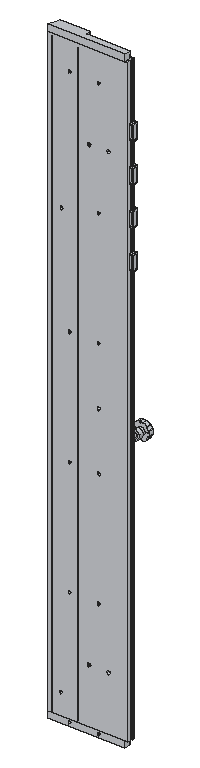
Revit family (continued)
Lines and regions (in)
  symbolic lines, style "GCX 2D", detail levels fine
    curve 72: spline (2.71886, 2.10483, 0) -> (2.72112, 2.10148, 0) -> (2.72371, 2.09819, 0) -> (2.72659, 2.095, 0) -> (2.72976, 2.09192, 0) -> (2.73319, 2.08898, 0) -> (2.73685, 2.08619, 0) -> (2.74072, 2.08359, 0) -> (2.74476, 2.08118, 0) -> (2.74895, 2.07899, 0) -> (2.75326, 2.07703, 0) -> (2.75766, 2.07531, 0) -> (2.76211, 2.07386, 0)
    curve 73: arc (2.47448, 2.1049, 0) -> (2.59668, 2.14104, 0) -> (2.71886, 2.10483, 0) r 0.22446
    curve 74: arc (3.06906, 2.10233, 0) -> (3.06777, 2.11437, 0) -> (3.06938, 2.12638, 0) r 0.05051
    curve 75: arc (3.06938, 2.12638, 0) -> (3.07475, 2.13552, 0) -> (3.08413, 2.14048, 0) r 0.0194
    curve 76: arc (3.08413, 2.14048, 0) -> (3.11932, 2.14335, 0) -> (3.15409, 2.13718, 0) r 0.13794
    curve 77: spline (2.13897, 2.07608, 0) -> (2.1364, 2.07731, 0) -> (2.13406, 2.07874, 0) -> (2.13197, 2.08038, 0) -> (2.13014, 2.08221, 0) -> (2.12858, 2.08423, 0) -> (2.12731, 2.08642, 0) -> (2.12633, 2.08877, 0) -> (2.12565, 2.09125, 0) -> (2.12527, 2.09387, 0) -> (2.12519, 2.0966, 0) -> (2.12541, 2.09942, 0) -> (2.12594, 2.10233, 0)
    curve 78: arc (2.12594, 2.10233, 0) -> (2.12723, 2.11437, 0) -> (2.12562, 2.12638, 0) r 0.05051
    curve 79: arc (2.12562, 2.12638, 0) -> (2.12025, 2.13552, 0) -> (2.11087, 2.14048, 0) r 0.0194
    curve 80: arc (2.11087, 2.14048, 0) -> (2.07568, 2.14335, 0) -> (2.04091, 2.13718, 0) r 0.13794
    curve 81: line (2.47264, 1.452, 0) -> (2.72236, 1.452, 0)
Dimensions and locks (in)
  "Height from Ground": plane 5 "Heighr from Ground" to plane 2
  aligned and locked: plane 5 "Heighr from Ground" to Extrusion 31
Automatic sketch dimensions
  Extrusion 31 sketch curve to Extrusion 31 sketch curve = 1.135"
  Extrusion 31 sketch curve to Extrusion 31 sketch curve = 6.14071"
  Extrusion 32 sketch curve to Extrusion 32 sketch curve = 1.135"
  Extrusion 32 sketch curve to Extrusion 32 sketch curve = 6.14071"
  plane 1 "Center (Front/Back)" to curve 1 = 0.00"
  curve 1 to plane 3 "Center (Left/Right)" = 0.00"
  Extrusion 22 sketch curve to Extrusion 22 sketch curve = 0.00"
  Extrusion 22 sketch curve to Extrusion 22 sketch curve = 0.02"  (x8)
  Extrusion 22 sketch curve to Extrusion 22 sketch curve = 0.05"  (x5)
  Extrusion 22 sketch curve to Extrusion 22 sketch curve = 0.07873"
  Extrusion 22 sketch curve to Extrusion 22 sketch curve = 0.04127"
  Extrusion 22 sketch curve to Extrusion 22 sketch curve = 0.108"  (x2)
  Extrusion 22 sketch curve to Extrusion 22 sketch curve = 0.128"
  Extrusion 22 sketch curve to Extrusion 22 sketch curve = 0.25"
  Extrusion 22 sketch curve to Extrusion 22 sketch curve = 0.28"  (x2)
  Extrusion 22 sketch curve to Extrusion 22 sketch curve = 0.43"
  Extrusion 22 sketch curve to Extrusion 22 sketch curve = 0.052"
  Extrusion 22 sketch curve to Extrusion 22 sketch curve = 0.00029"
  Extrusion 22 sketch curve to Extrusion 22 sketch curve = 0.01971"
  Extrusion 22 sketch curve to Extrusion 22 sketch curve = 0.10"  (x2)
  Extrusion 22 sketch curve to Extrusion 22 sketch curve = 0.00349"
  Extrusion 22 sketch curve to Extrusion 22 sketch curve = 0.11715"
  Extrusion 22 sketch curve to Extrusion 22 sketch curve = 1.72"
  Extrusion 22 sketch curve to Extrusion 22 sketch curve = 0.18"
  Extrusion 22 sketch curve to Extrusion 22 sketch curve = 0.26"  (x2)
  Extrusion 22 sketch curve to Extrusion 22 sketch curve = 2.98"
  Extrusion 22 sketch curve to Extrusion 22 sketch curve = 0.20"
  Extrusion 22 sketch curve to Extrusion 22 sketch curve = 0.12127"
  Extrusion 22 sketch curve to Extrusion 22 sketch curve = 0.15"
  Extrusion 28 sketch curve to Extrusion 28 sketch curve = 0.24574"
  Extrusion 28 sketch curve to Extrusion 28 sketch curve = 0.24658"
  Extrusion 28 sketch curve to Extrusion 28 sketch curve = 0.25462"
  Extrusion 28 sketch curve to Extrusion 28 sketch curve = 0.00986"
  Extrusion 28 sketch curve to Extrusion 28 sketch curve = 0.26842"
  Extrusion 28 sketch curve to Extrusion 28 sketch curve = 0.33038"
  Extrusion 28 sketch curve to Extrusion 28 sketch curve = 0.52"
  Extrusion 28 sketch curve to Extrusion 28 sketch curve = 0.00"
  Extrusion 28 sketch curve to Extrusion 28 sketch curve = 0.02756"
  Extrusion 28 sketch curve to Extrusion 28 sketch curve = 0.13686"
  Extrusion 28 sketch curve to Extrusion 28 sketch curve = 0.10"
  Extrusion 28 sketch curve to Extrusion 28 sketch curve = 1.76"
  Extrusion 28 sketch curve to Extrusion 28 sketch curve = 0.23381"
  Extrusion 28 sketch curve to Extrusion 28 sketch curve = 0.01032"
  Extrusion 26 sketch curve to Extrusion 26 sketch curve = 0.13485"
  Extrusion 26 sketch curve to Extrusion 26 sketch curve = 0.49985"
  Extrusion 26 sketch curve to Extrusion 26 sketch curve = 0.01018"
  Extrusion 26 sketch curve to Extrusion 26 sketch curve = 0.01746"
  Extrusion 26 sketch curve to Extrusion 26 sketch curve = 0.24039"
  Extrusion 26 sketch curve to Extrusion 26 sketch curve = 0.24128"
  Extrusion 26 sketch curve to Extrusion 26 sketch curve = 0.00961"
  Extrusion 26 sketch curve to Extrusion 26 sketch curve = 0.00872"
  Extrusion 26 sketch curve to Extrusion 26 sketch curve = 0.26461"
  Extrusion 26 sketch curve to Extrusion 26 sketch curve = 0.00471"
  Extrusion 26 sketch curve to Extrusion 26 sketch curve = 0.03121"
  Extrusion 26 sketch curve to Extrusion 26 sketch curve = 1.9593"
  Extrusion 26 sketch curve to Extrusion 26 sketch curve = 3.29812"
  Extrusion 7 sketch curve to Extrusion 7 sketch curve = 0.00"
  Extrusion 7 sketch curve to Extrusion 7 sketch curve = 0.02"  (x8)
  Extrusion 7 sketch curve to Extrusion 7 sketch curve = 0.05"  (x5)
  Extrusion 7 sketch curve to Extrusion 7 sketch curve = 0.07873"
  Extrusion 7 sketch curve to Extrusion 7 sketch curve = 0.04127"
  Extrusion 7 sketch curve to Extrusion 7 sketch curve = 0.108"  (x2)
  Extrusion 7 sketch curve to Extrusion 7 sketch curve = 0.128"
  Extrusion 7 sketch curve to Extrusion 7 sketch curve = 0.25"
  Extrusion 7 sketch curve to Extrusion 7 sketch curve = 0.28"  (x2)
  Extrusion 7 sketch curve to Extrusion 7 sketch curve = 0.43"
  Extrusion 7 sketch curve to Extrusion 7 sketch curve = 0.052"
  Extrusion 7 sketch curve to Extrusion 7 sketch curve = 0.00029"
  Extrusion 7 sketch curve to Extrusion 7 sketch curve = 0.01971"
  Extrusion 7 sketch curve to Extrusion 7 sketch curve = 0.10"  (x2)
  Extrusion 7 sketch curve to Extrusion 7 sketch curve = 0.00349"
  Extrusion 7 sketch curve to Extrusion 7 sketch curve = 0.11715"
  Extrusion 7 sketch curve to Extrusion 7 sketch curve = 1.72"
  Extrusion 7 sketch curve to Extrusion 7 sketch curve = 0.18"
  Extrusion 7 sketch curve to Extrusion 7 sketch curve = 0.26"  (x2)
  Extrusion 7 sketch curve to Extrusion 7 sketch curve = 2.98"
  Extrusion 7 sketch curve to Extrusion 7 sketch curve = 0.20"
  Extrusion 7 sketch curve to Extrusion 7 sketch curve = 0.12127"
  Extrusion 7 sketch curve to Extrusion 7 sketch curve = 0.15"
  Extrusion 13 sketch curve to Extrusion 13 sketch curve = 0.24574"
  Extrusion 13 sketch curve to Extrusion 13 sketch curve = 0.24658"
  Extrusion 13 sketch curve to Extrusion 13 sketch curve = 0.25462"
  Extrusion 13 sketch curve to Extrusion 13 sketch curve = 0.00986"
  Extrusion 13 sketch curve to Extrusion 13 sketch curve = 0.26842"
  Extrusion 13 sketch curve to Extrusion 13 sketch curve = 0.33038"
  Extrusion 13 sketch curve to Extrusion 13 sketch curve = 0.52"
  Extrusion 13 sketch curve to Extrusion 13 sketch curve = 0.00"
  Extrusion 13 sketch curve to Extrusion 13 sketch curve = 0.02756"
  Extrusion 13 sketch curve to Extrusion 13 sketch curve = 0.13686"
  Extrusion 13 sketch curve to Extrusion 13 sketch curve = 0.10"
  Extrusion 13 sketch curve to Extrusion 13 sketch curve = 1.76"
  Extrusion 13 sketch curve to Extrusion 13 sketch curve = 0.23381"
  Extrusion 13 sketch curve to Extrusion 13 sketch curve = 0.01032"
  Extrusion 11 sketch curve to Extrusion 11 sketch curve = 0.13485"
  Extrusion 11 sketch curve to Extrusion 11 sketch curve = 0.49985"
  Extrusion 11 sketch curve to Extrusion 11 sketch curve = 0.01018"
  Extrusion 11 sketch curve to Extrusion 11 sketch curve = 0.01746"
  Extrusion 11 sketch curve to Extrusion 11 sketch curve = 0.24039"
  Extrusion 11 sketch curve to Extrusion 11 sketch curve = 0.24128"
  Extrusion 11 sketch curve to Extrusion 11 sketch curve = 0.00961"
  Extrusion 11 sketch curve to Extrusion 11 sketch curve = 0.00872"
  Extrusion 11 sketch curve to Extrusion 11 sketch curve = 0.26461"
  Extrusion 11 sketch curve to Extrusion 11 sketch curve = 0.00471"
  Extrusion 11 sketch curve to Extrusion 11 sketch curve = 0.03121"
  Extrusion 11 sketch curve to Extrusion 11 sketch curve = 1.9593"
  Extrusion 11 sketch curve to Extrusion 11 sketch curve = 3.29812"
  Extrusion 30 sketch curve to Extrusion 30 sketch curve = 0.24039"
  Extrusion 30 sketch curve to Extrusion 30 sketch curve = 0.24128"
  Extrusion 30 sketch curve to Extrusion 30 sketch curve = 0.25"  (x2)
  Extrusion 30 sketch curve to Extrusion 30 sketch curve = 0.26461"
  Extrusion 30 sketch curve to Extrusion 30 sketch curve = 0.13015"
  Extrusion 30 sketch curve to Extrusion 30 sketch curve = 0.13485"
  Extrusion 30 sketch curve to Extrusion 30 sketch curve = 0.49985"
  Extrusion 30 sketch curve to Extrusion 30 sketch curve = 0.03121"
  Extrusion 30 sketch curve to Extrusion 30 sketch curve = 0.01018"
  Extrusion 30 sketch curve to Extrusion 30 sketch curve = 3.29812"
  Extrusion 30 sketch curve to Extrusion 30 sketch curve = 0.01746"
  Extrusion 30 sketch curve to Extrusion 30 sketch curve = 1.9593"
  Extrusion 16 sketch curve to Extrusion 16 sketch curve = 0.00"
  Extrusion 16 sketch curve to Extrusion 16 sketch curve = 0.11811"  (x2)
  Extrusion 16 sketch curve to Extrusion 16 sketch curve = 0.13031"  (x2)
  Extrusion 16 sketch curve to Extrusion 16 sketch curve = 0.03189"  (x3)
  Extrusion 16 sketch curve to Extrusion 16 sketch curve = 0.01969"  (x11)
  Extrusion 16 sketch curve to Extrusion 16 sketch curve = 0.23063"  (x2)
  Extrusion 16 sketch curve to Extrusion 16 sketch curve = 0.16063"  (x2)
  Extrusion 16 sketch curve to Extrusion 16 sketch curve = 0.20"
  Extrusion 16 sketch curve to Extrusion 16 sketch curve = 0.05063"  (x2)
  Extrusion 16 sketch curve to Extrusion 16 sketch curve = 0.15063"  (x2)
  Extrusion 16 sketch curve to Extrusion 16 sketch curve = 0.18563"
  Extrusion 16 sketch curve to Extrusion 16 sketch curve = 0.03563"
  Extrusion 16 sketch curve to Extrusion 16 sketch curve = 1.96063"
  Extrusion 16 sketch curve to Extrusion 16 sketch curve = 0.05969"
  Extrusion 16 sketch curve to Extrusion 16 sketch curve = 0.075"
  Extrusion 16 sketch curve to Extrusion 16 sketch curve = 0.05157"
  Extrusion 21 sketch curve to Extrusion 21 sketch curve = 0.00"
  Extrusion 21 sketch curve to Extrusion 21 sketch curve = 0.06542"  (x2)
  Extrusion 21 sketch curve to Extrusion 21 sketch curve = 0.25"  (x2)
  Extrusion 21 sketch curve to Extrusion 21 sketch curve = 0.31542"  (x2)
  Extrusion 21 sketch curve to Extrusion 21 sketch curve = 0.6166"
  Extrusion 21 sketch curve to Extrusion 21 sketch curve = 8.6334"
  Extrusion 21 sketch curve to Extrusion 21 sketch curve = 0.50"  (x2)
  Extrusion 21 sketch curve to Extrusion 21 sketch curve = 8.50"
  Extrusion 21 sketch curve to Extrusion 21 sketch curve = 8.625"
  Extrusion 21 sketch curve to Extrusion 21 sketch curve = 0.625"
  Extrusion 15 sketch curve to Extrusion 15 sketch curve = 0.24039"
  Extrusion 15 sketch curve to Extrusion 15 sketch curve = 0.24128"
  Extrusion 15 sketch curve to Extrusion 15 sketch curve = 0.25"  (x2)
  Extrusion 15 sketch curve to Extrusion 15 sketch curve = 0.26461"
  Extrusion 15 sketch curve to Extrusion 15 sketch curve = 0.13015"
  Extrusion 15 sketch curve to Extrusion 15 sketch curve = 0.13485"
  Extrusion 15 sketch curve to Extrusion 15 sketch curve = 0.49985"
  Extrusion 15 sketch curve to Extrusion 15 sketch curve = 0.03121"
  Extrusion 15 sketch curve to Extrusion 15 sketch curve = 0.01018"
  Extrusion 15 sketch curve to Extrusion 15 sketch curve = 3.29812"
  Extrusion 15 sketch curve to Extrusion 15 sketch curve = 0.01746"
  Extrusion 15 sketch curve to Extrusion 15 sketch curve = 1.9593"
  Extrusion 1 sketch curve to Extrusion 1 sketch curve = 0.00"
  Extrusion 1 sketch curve to Extrusion 1 sketch curve = 0.11811"  (x2)
  Extrusion 1 sketch curve to Extrusion 1 sketch curve = 0.13031"  (x2)
  Extrusion 1 sketch curve to Extrusion 1 sketch curve = 0.03189"  (x3)
  Extrusion 1 sketch curve to Extrusion 1 sketch curve = 0.01969"  (x11)
  Extrusion 1 sketch curve to Extrusion 1 sketch curve = 0.23063"  (x2)
  Extrusion 1 sketch curve to Extrusion 1 sketch curve = 0.16063"  (x2)
  Extrusion 1 sketch curve to Extrusion 1 sketch curve = 0.20"
  Extrusion 1 sketch curve to Extrusion 1 sketch curve = 0.05063"  (x2)
  Extrusion 1 sketch curve to Extrusion 1 sketch curve = 0.15063"  (x2)
  Extrusion 1 sketch curve to Extrusion 1 sketch curve = 0.18563"
  Extrusion 1 sketch curve to Extrusion 1 sketch curve = 0.03563"
  Extrusion 1 sketch curve to Extrusion 1 sketch curve = 1.96063"
  Extrusion 1 sketch curve to Extrusion 1 sketch curve = 0.05969"
  Extrusion 1 sketch curve to Extrusion 1 sketch curve = 0.075"
  Extrusion 1 sketch curve to Extrusion 1 sketch curve = 0.05157"
  Extrusion 6 sketch curve to Extrusion 6 sketch curve = 0.00"
  Extrusion 6 sketch curve to Extrusion 6 sketch curve = 0.06542"  (x2)
  Extrusion 6 sketch curve to Extrusion 6 sketch curve = 0.25"  (x2)
  Extrusion 6 sketch curve to Extrusion 6 sketch curve = 0.31542"  (x2)
  Extrusion 6 sketch curve to Extrusion 6 sketch curve = 0.6166"
  Extrusion 6 sketch curve to Extrusion 6 sketch curve = 8.6334"
  Extrusion 6 sketch curve to Extrusion 6 sketch curve = 0.50"  (x2)
  Extrusion 6 sketch curve to Extrusion 6 sketch curve = 8.50"
  Extrusion 6 sketch curve to Extrusion 6 sketch curve = 8.625"
  Extrusion 6 sketch curve to Extrusion 6 sketch curve = 0.625"
  Extrusion 17 sketch curve to Extrusion 17 sketch curve = 0.30"
  Extrusion 17 sketch curve to Extrusion 17 sketch curve = 0.375"
  Extrusion 17 sketch curve to Extrusion 17 sketch curve = 0.20"
  Extrusion 17 sketch curve to Extrusion 17 sketch curve = 0.125"
  Extrusion 17 sketch curve to Extrusion 17 sketch curve = 0.25"  (x3)
  Extrusion 17 sketch curve to Extrusion 17 sketch curve = 0.40"  (x2)
  Extrusion 17 sketch curve to Extrusion 17 sketch curve = 1.20"
  Extrusion 17 sketch curve to Extrusion 17 sketch curve = 0.22539"
  Extrusion 17 sketch curve to Extrusion 17 sketch curve = 0.94961"
  Extrusion 20 sketch curve to Extrusion 20 sketch curve = 0.228"
  Extrusion 20 sketch curve to Extrusion 20 sketch curve = 0.12"  (x2)
  Extrusion 20 sketch curve to Extrusion 20 sketch curve = 0.08058"
  Extrusion 20 sketch curve to Extrusion 20 sketch curve = 1.60001"
  Extrusion 20 sketch curve to Extrusion 20 sketch curve = 0.99293"
  Extrusion 20 sketch curve to Extrusion 20 sketch curve = 0.5218"
  Extrusion 20 sketch curve to Extrusion 20 sketch curve = 0.10391"
  Extrusion 20 sketch curve to Extrusion 20 sketch curve = 0.375"
  Extrusion 20 sketch curve to Extrusion 20 sketch curve = 0.25491"
  Extrusion 20 sketch curve to Extrusion 20 sketch curve = 0.00009"
  Extrusion 20 sketch curve to Extrusion 20 sketch curve = 0.13035"
  Extrusion 19 sketch curve to Extrusion 19 sketch curve = 0.05405"  (x2)
  Extrusion 19 sketch curve to Extrusion 19 sketch curve = 0.06381"
  Extrusion 19 sketch curve to Extrusion 19 sketch curve = 0.00"  (x25)
  Extrusion 19 sketch curve to Extrusion 19 sketch curve = 0.06466"
  Extrusion 19 sketch curve to Extrusion 19 sketch curve = 0.02786"
  Extrusion 19 sketch curve to Extrusion 19 sketch curve = 0.02878"  (x2)
  Extrusion 19 sketch curve to Extrusion 19 sketch curve = 0.02127"
  Extrusion 19 sketch curve to Extrusion 19 sketch curve = 0.02194"  (x2)
  Extrusion 19 sketch curve to Extrusion 19 sketch curve = 0.22009"  (x2)
  Extrusion 19 sketch curve to Extrusion 19 sketch curve = 0.01401"  (x6)
  Extrusion 19 sketch curve to Extrusion 19 sketch curve = 0.05099"  (x2)
  Extrusion 19 sketch curve to Extrusion 19 sketch curve = 0.24996"  (x2)
  Extrusion 19 sketch curve to Extrusion 19 sketch curve = 0.04709"  (x2)
  Extrusion 19 sketch curve to Extrusion 19 sketch curve = 0.13065"
  Extrusion 19 sketch curve to Extrusion 19 sketch curve = 0.01786"  (x3)
  Extrusion 19 sketch curve to Extrusion 19 sketch curve = 0.12232"  (x2)
  Extrusion 19 sketch curve to Extrusion 19 sketch curve = 0.01662"
  Extrusion 19 sketch curve to Extrusion 19 sketch curve = 0.12487"  (x2)
  Extrusion 19 sketch curve to Extrusion 19 sketch curve = 0.02989"  (x2)
  Extrusion 19 sketch curve to Extrusion 19 sketch curve = 0.04181"  (x2)
  Extrusion 19 sketch curve to Extrusion 19 sketch curve = 0.26745"  (x2)
  Extrusion 19 sketch curve to Extrusion 19 sketch curve = 0.03698"  (x2)
  Extrusion 19 sketch curve to Extrusion 19 sketch curve = 0.10556"
  Extrusion 19 sketch curve to Extrusion 19 sketch curve = 0.10597"
  Extrusion 19 sketch curve to Extrusion 19 sketch curve = 0.02147"
  Extrusion 19 sketch curve to Extrusion 19 sketch curve = 0.02805"
  Extrusion 19 sketch curve to Extrusion 19 sketch curve = 0.06232"
  Extrusion 19 sketch curve to Extrusion 19 sketch curve = 0.03335"
  Extrusion 19 sketch curve to Extrusion 19 sketch curve = 0.16533"
  Extrusion 19 sketch curve to Extrusion 19 sketch curve = 0.37386"
  Revolve 18 sketch curve to Revolve 18 sketch curve = 3.31064"
  Revolve 18 sketch curve to Revolve 18 sketch curve = 0.2642"
  Revolve 18 sketch curve to Revolve 18 sketch curve = 0.01459"
  Revolve 18 sketch curve to Revolve 18 sketch curve = 0.08325"
  Revolve 18 sketch curve to Revolve 18 sketch curve = 0.00261"
  Revolve 18 sketch curve to Revolve 18 sketch curve = 0.12121"
  Revolve 18 sketch curve to Revolve 18 sketch curve = 0.2265"
  Revolve 18 sketch curve to Revolve 18 sketch curve = 0.00094"
  Revolve 18 sketch curve to Revolve 18 sketch curve = 0.02693"
  Revolve 18 sketch curve to Revolve 18 sketch curve = 0.50"
  Revolve 18 sketch curve to Revolve 18 sketch curve = 0.33452"
  Revolve 18 sketch curve to Revolve 18 sketch curve = 0.00079"
  Revolve 18 sketch curve to Revolve 18 sketch curve = 0.04548"
  Revolve 18 sketch curve to Revolve 18 sketch curve = 1.15592"
  Revolve 18 sketch curve to Revolve 18 sketch curve = 0.00436"
  Revolve 18 sketch curve to Revolve 18 sketch curve = 0.18719"
  Revolve 18 sketch curve to Revolve 18 sketch curve = 0.00794"
  Revolve 18 sketch curve to Revolve 18 sketch curve = 0.0149"
  Revolve 18 sketch curve to Revolve 18 sketch curve = 0.00585"
  Revolve 18 sketch curve to Revolve 18 sketch curve = 0.12529"
  Revolve 18 sketch curve to Revolve 18 sketch curve = 0.19772"
  Revolve 18 sketch curve to Revolve 18 sketch curve = 0.00"
  Extrusion 2 sketch curve to Extrusion 2 sketch curve = 0.30"
  Extrusion 2 sketch curve to Extrusion 2 sketch curve = 0.375"
  Extrusion 2 sketch curve to Extrusion 2 sketch curve = 0.20"
  Extrusion 2 sketch curve to Extrusion 2 sketch curve = 0.125"
  Extrusion 2 sketch curve to Extrusion 2 sketch curve = 0.25"  (x3)
  Extrusion 2 sketch curve to Extrusion 2 sketch curve = 0.40"  (x2)
  Extrusion 2 sketch curve to Extrusion 2 sketch curve = 1.20"
  Extrusion 2 sketch curve to Extrusion 2 sketch curve = 0.22539"
  Extrusion 2 sketch curve to Extrusion 2 sketch curve = 0.94961"
  Extrusion 5 sketch curve to Extrusion 5 sketch curve = 0.228"
  Extrusion 5 sketch curve to Extrusion 5 sketch curve = 0.12"  (x2)
  Extrusion 5 sketch curve to Extrusion 5 sketch curve = 0.08058"
  Extrusion 5 sketch curve to Extrusion 5 sketch curve = 1.60001"
  Extrusion 5 sketch curve to Extrusion 5 sketch curve = 0.99293"
  Extrusion 5 sketch curve to Extrusion 5 sketch curve = 0.5218"
  Extrusion 5 sketch curve to Extrusion 5 sketch curve = 0.10391"
  Extrusion 5 sketch curve to Extrusion 5 sketch curve = 0.375"
  Extrusion 5 sketch curve to Extrusion 5 sketch curve = 0.25491"
  Extrusion 5 sketch curve to Extrusion 5 sketch curve = 0.00009"
  Extrusion 5 sketch curve to Extrusion 5 sketch curve = 0.13035"
  Extrusion 4 sketch curve to Extrusion 4 sketch curve = 0.05405"  (x2)
  Extrusion 4 sketch curve to Extrusion 4 sketch curve = 0.06381"
  Extrusion 4 sketch curve to Extrusion 4 sketch curve = 0.00"  (x25)
  Extrusion 4 sketch curve to Extrusion 4 sketch curve = 0.06466"
  Extrusion 4 sketch curve to Extrusion 4 sketch curve = 0.02786"
  Extrusion 4 sketch curve to Extrusion 4 sketch curve = 0.02878"  (x2)
  Extrusion 4 sketch curve to Extrusion 4 sketch curve = 0.02127"
  Extrusion 4 sketch curve to Extrusion 4 sketch curve = 0.02194"  (x2)
  Extrusion 4 sketch curve to Extrusion 4 sketch curve = 0.22009"  (x2)
  Extrusion 4 sketch curve to Extrusion 4 sketch curve = 0.01401"  (x6)
  Extrusion 4 sketch curve to Extrusion 4 sketch curve = 0.05099"  (x2)
  Extrusion 4 sketch curve to Extrusion 4 sketch curve = 0.24996"  (x2)
  Extrusion 4 sketch curve to Extrusion 4 sketch curve = 0.04709"  (x2)
  Extrusion 4 sketch curve to Extrusion 4 sketch curve = 0.13065"
  Extrusion 4 sketch curve to Extrusion 4 sketch curve = 0.01786"  (x3)
  Extrusion 4 sketch curve to Extrusion 4 sketch curve = 0.12232"  (x2)
  Extrusion 4 sketch curve to Extrusion 4 sketch curve = 0.01662"
  Extrusion 4 sketch curve to Extrusion 4 sketch curve = 0.12487"  (x2)
  Extrusion 4 sketch curve to Extrusion 4 sketch curve = 0.02989"  (x2)
  Extrusion 4 sketch curve to Extrusion 4 sketch curve = 0.04181"  (x2)
  Extrusion 4 sketch curve to Extrusion 4 sketch curve = 0.26745"  (x2)
  Extrusion 4 sketch curve to Extrusion 4 sketch curve = 0.03698"  (x2)
  Extrusion 4 sketch curve to Extrusion 4 sketch curve = 0.10556"
  Extrusion 4 sketch curve to Extrusion 4 sketch curve = 0.10597"
  Extrusion 4 sketch curve to Extrusion 4 sketch curve = 0.02147"
  Extrusion 4 sketch curve to Extrusion 4 sketch curve = 0.02805"
  Extrusion 4 sketch curve to Extrusion 4 sketch curve = 0.06232"
  Extrusion 4 sketch curve to Extrusion 4 sketch curve = 0.03335"
  Extrusion 4 sketch curve to Extrusion 4 sketch curve = 0.16533"
  Extrusion 4 sketch curve to Extrusion 4 sketch curve = 0.37386"
  Revolve 3 sketch curve to Revolve 3 sketch curve = 3.31064"
  Revolve 3 sketch curve to Revolve 3 sketch curve = 0.2642"
  Revolve 3 sketch curve to Revolve 3 sketch curve = 0.01459"
  Revolve 3 sketch curve to Revolve 3 sketch curve = 0.08325"
  Revolve 3 sketch curve to Revolve 3 sketch curve = 0.00261"
  Revolve 3 sketch curve to Revolve 3 sketch curve = 0.12121"
  Revolve 3 sketch curve to Revolve 3 sketch curve = 0.2265"
  Revolve 3 sketch curve to Revolve 3 sketch curve = 0.00094"
  Revolve 3 sketch curve to Revolve 3 sketch curve = 0.02693"
  Revolve 3 sketch curve to Revolve 3 sketch curve = 0.50"
  Revolve 3 sketch curve to Revolve 3 sketch curve = 0.33452"
  Revolve 3 sketch curve to Revolve 3 sketch curve = 0.00079"
  Revolve 3 sketch curve to Revolve 3 sketch curve = 0.04548"
  Revolve 3 sketch curve to Revolve 3 sketch curve = 1.15592"
  Revolve 3 sketch curve to Revolve 3 sketch curve = 0.00436"
  Revolve 3 sketch curve to Revolve 3 sketch curve = 0.18719"
  Revolve 3 sketch curve to Revolve 3 sketch curve = 0.00794"
  Revolve 3 sketch curve to Revolve 3 sketch curve = 0.0149"
  Revolve 3 sketch curve to Revolve 3 sketch curve = 0.00585"
  Revolve 3 sketch curve to Revolve 3 sketch curve = 0.12529"
  Revolve 3 sketch curve to Revolve 3 sketch curve = 0.19772"
  Revolve 3 sketch curve to Revolve 3 sketch curve = 0.00"
  Sweep 23 sketch curve to Sweep 23 sketch curve = 0.02655"
  Sweep 23 sketch curve to Sweep 23 sketch curve = 1.14269"
  Sweep 23 sketch curve to Sweep 23 sketch curve = 0.03"
  Sweep 23 sketch curve to Sweep 23 sketch curve = 0.00"
  Sweep 23 sketch curve to Sweep 23 sketch curve = 0.25967"
  Sweep 23 sketch curve to profile plane = 0.00344"
  Sweep 23 sketch curve to Sweep 23 sketch curve = 0.02"
  Sweep 23 sketch curve to Sweep 23 sketch curve = 0.31"
  Sweep 23 sketch curve to profile plane = 0.6755"
  Extrusion 24 sketch curve to Extrusion 24 sketch curve = 0.02998"
  Extrusion 24 sketch curve to Extrusion 24 sketch curve = 0.07194"  (x2)
  Extrusion 24 sketch curve to Extrusion 24 sketch curve = 1.06222"
  Extrusion 24 sketch curve to Extrusion 24 sketch curve = 0.05889"
  Extrusion 24 sketch curve to Extrusion 24 sketch curve = 0.16222"
  Extrusion 24 sketch curve to Extrusion 24 sketch curve = 0.03344"
  Extrusion 24 sketch curve to Extrusion 24 sketch curve = 0.03856"
  Sweep 33 sketch curve to Sweep 33 sketch curve = 0.02655"
  Sweep 33 sketch curve to Sweep 33 sketch curve = 1.14269"
  Sweep 33 sketch curve to Sweep 33 sketch curve = 0.03"
  Sweep 33 sketch curve to Sweep 33 sketch curve = 0.00"
  Sweep 33 sketch curve to Sweep 33 sketch curve = 0.25967"
  Sweep 33 sketch curve to profile plane = 0.00344"
  Sweep 33 sketch curve to Sweep 33 sketch curve = 0.02"
  Sweep 33 sketch curve to profile plane = 0.6755"
  Sweep 33 sketch curve to Sweep 33 sketch curve = 0.31"
  Extrusion 34 sketch curve to Extrusion 34 sketch curve = 0.02998"
  Extrusion 34 sketch curve to Extrusion 34 sketch curve = 0.07194"
  Extrusion 34 sketch curve to Extrusion 34 sketch curve = 1.06222"
  Extrusion 34 sketch curve to Extrusion 34 sketch curve = 0.03851"
  Extrusion 34 sketch curve to Extrusion 34 sketch curve = 0.03344"
  Extrusion 34 sketch curve to Extrusion 34 sketch curve = 0.05889"
  Extrusion 34 sketch curve to Extrusion 34 sketch curve = 0.16222"
  Extrusion 34 sketch curve to Extrusion 34 sketch curve = 0.03856"
  Extrusion 35 sketch curve to Extrusion 35 sketch curve = 0.44336"
  Extrusion 35 sketch curve to Extrusion 35 sketch curve = 0.16222"
  Sweep 36 sketch curve to Sweep 36 sketch curve = 0.02655"
  Sweep 36 sketch curve to Sweep 36 sketch curve = 1.14269"
  Sweep 36 sketch curve to Sweep 36 sketch curve = 0.03"
  Sweep 36 sketch curve to Sweep 36 sketch curve = 0.00"
  Sweep 36 sketch curve to Sweep 36 sketch curve = 0.25967"
  Sweep 36 sketch curve to profile plane = 0.00344"
  Sweep 36 sketch curve to Sweep 36 sketch curve = 0.02"
  Sweep 36 sketch curve to profile plane = 0.6755"
  Sweep 36 sketch curve to Sweep 36 sketch curve = 0.31"
  Extrusion 37 sketch curve to Extrusion 37 sketch curve = 0.02998"
  Extrusion 37 sketch curve to Extrusion 37 sketch curve = 0.07194"
  Extrusion 37 sketch curve to Extrusion 37 sketch curve = 1.06222"
  Extrusion 37 sketch curve to Extrusion 37 sketch curve = 0.03851"
  Extrusion 37 sketch curve to Extrusion 37 sketch curve = 0.03344"
  Extrusion 37 sketch curve to Extrusion 37 sketch curve = 0.05889"
  Extrusion 37 sketch curve to Extrusion 37 sketch curve = 0.16222"
  Extrusion 37 sketch curve to Extrusion 37 sketch curve = 0.03856"
  Extrusion 38 sketch curve to Extrusion 38 sketch curve = 0.44336"
  Extrusion 38 sketch curve to Extrusion 38 sketch curve = 0.16222"
  Sweep 39 sketch curve to Sweep 39 sketch curve = 0.02655"
  Sweep 39 sketch curve to Sweep 39 sketch curve = 1.14269"
  Sweep 39 sketch curve to Sweep 39 sketch curve = 0.03"
  Sweep 39 sketch curve to Sweep 39 sketch curve = 0.00"
  Sweep 39 sketch curve to Sweep 39 sketch curve = 0.25967"
  Sweep 39 sketch curve to profile plane = 0.00344"
  Sweep 39 sketch curve to Sweep 39 sketch curve = 0.02"
  Sweep 39 sketch curve to profile plane = 0.6755"
  Sweep 39 sketch curve to Sweep 39 sketch curve = 0.31"
  Extrusion 40 sketch curve to Extrusion 40 sketch curve = 0.02998"
  Extrusion 40 sketch curve to Extrusion 40 sketch curve = 0.07194"
  Extrusion 40 sketch curve to Extrusion 40 sketch curve = 1.06222"
  Extrusion 40 sketch curve to Extrusion 40 sketch curve = 0.03851"
  Extrusion 40 sketch curve to Extrusion 40 sketch curve = 0.03344"
  Extrusion 40 sketch curve to Extrusion 40 sketch curve = 0.05889"
  Extrusion 40 sketch curve to Extrusion 40 sketch curve = 0.16222"
  Extrusion 40 sketch curve to Extrusion 40 sketch curve = 0.03856"
  Extrusion 41 sketch curve to Extrusion 41 sketch curve = 0.44336"
  Extrusion 41 sketch curve to Extrusion 41 sketch curve = 0.16222"
  Sweep 8 sketch curve to Sweep 8 sketch curve = 0.02655"
  Sweep 8 sketch curve to Sweep 8 sketch curve = 1.14269"
  Sweep 8 sketch curve to Sweep 8 sketch curve = 0.03"
  Sweep 8 sketch curve to Sweep 8 sketch curve = 0.00"
  Sweep 8 sketch curve to Sweep 8 sketch curve = 0.25967"
  Sweep 8 sketch curve to profile plane = 0.00344"
  Sweep 8 sketch curve to Sweep 8 sketch curve = 0.02"
  Sweep 8 sketch curve to Sweep 8 sketch curve = 0.31"
  Sweep 8 sketch curve to profile plane = 0.6755"
  Extrusion 9 sketch curve to Extrusion 9 sketch curve = 0.02998"
  Extrusion 9 sketch curve to Extrusion 9 sketch curve = 0.07194"  (x2)
  Extrusion 9 sketch curve to Extrusion 9 sketch curve = 1.06222"
  Extrusion 9 sketch curve to Extrusion 9 sketch curve = 0.05889"
  Extrusion 9 sketch curve to Extrusion 9 sketch curve = 0.16222"
  Extrusion 9 sketch curve to Extrusion 9 sketch curve = 0.03344"
  Extrusion 9 sketch curve to Extrusion 9 sketch curve = 0.03856"
  Extrusion 51 sketch curve to Extrusion 51 sketch curve = 1.4988"  (x2)
  Extrusion 51 sketch curve to Extrusion 51 sketch curve = 0.00"  (x8)
  Extrusion 51 sketch curve to Extrusion 51 sketch curve = 1.86167"
  Extrusion 51 sketch curve to Extrusion 51 sketch curve = 2.63728"
  Extrusion 51 sketch curve to Extrusion 51 sketch curve = 4.49693"
  Extrusion 51 sketch curve to Extrusion 51 sketch curve = 4.49389"
  Extrusion 51 sketch curve to Extrusion 51 sketch curve = 4.50519"
  Extrusion 51 sketch curve to Extrusion 51 sketch curve = 8.35539"
  Extrusion 51 sketch curve to Extrusion 51 sketch curve = 4.4909"
  Extrusion 51 sketch curve to Extrusion 51 sketch curve = 0.6433"
  Extrusion 51 sketch curve to Extrusion 51 sketch curve = 4.50701"
  Extrusion 51 sketch curve to Extrusion 51 sketch curve = 0.01853"
  Extrusion 51 sketch curve to Extrusion 51 sketch curve = 0.63539"  (x2)
  Extrusion 51 sketch curve to Extrusion 51 sketch curve = 0.65392"  (x2)
  Extrusion 51 sketch curve to Extrusion 51 sketch curve = 1.50111"
  Extrusion 51 sketch curve to Extrusion 51 sketch curve = 2.15512"
  Extrusion 51 sketch curve to Extrusion 51 sketch curve = 2.88183"
  Extrusion 51 sketch curve to Extrusion 51 sketch curve = 2.25022"
  Extrusion 51 sketch curve to Extrusion 51 sketch curve = 2.25339"  (x5)
  Extrusion 51 sketch curve to Extrusion 51 sketch curve = 9.00538"
  Extrusion 52 sketch curve to Extrusion 52 sketch curve = 0.01853"
  Extrusion 52 sketch curve to Extrusion 52 sketch curve = 0.63539"  (x2)
  Extrusion 52 sketch curve to Extrusion 52 sketch curve = 0.65392"  (x2)
  Extrusion 52 sketch curve to Extrusion 52 sketch curve = 0.00"
  Extrusion 52 sketch curve to Extrusion 52 sketch curve = 1.50111"
  Extrusion 52 sketch curve to Extrusion 52 sketch curve = 2.15512"
  Extrusion 52 sketch curve to Extrusion 52 sketch curve = 2.88183"
  Extrusion 52 sketch curve to Extrusion 52 sketch curve = 2.25022"
  Extrusion 52 sketch curve to Extrusion 52 sketch curve = 2.25339"  (x5)
  Extrusion 52 sketch curve to Extrusion 52 sketch curve = 9.00538"
  Extrusion 27 sketch curve to Extrusion 27 sketch curve = 2.8956"
  Extrusion 27 sketch curve to Extrusion 27 sketch curve = 0.50565"
  Extrusion 27 sketch curve to Extrusion 27 sketch curve = 1.51799"
  Extrusion 12 sketch curve to Extrusion 12 sketch curve = 2.8956"
  Extrusion 12 sketch curve to Extrusion 12 sketch curve = 0.50565"
  Extrusion 12 sketch curve to Extrusion 12 sketch curve = 1.51799"
  plane 1 "Center (Front/Back)" to Masking region 1 sketch curve = 0.00"
  Masking region 1 sketch curve to plane 1 "Center (Front/Back)" = 0.15"
  Masking region 1 sketch curve to Masking region 1 sketch curve = 0.01872"
  Masking region 1 sketch curve to Masking region 1 sketch curve = 0.00206"
  Masking region 1 sketch curve to Masking region 1 sketch curve = 0.15422"
  Masking region 1 sketch curve to Masking region 1 sketch curve = 0.14274"
  Masking region 1 sketch curve to Masking region 1 sketch curve = 0.00113"
  Masking region 1 sketch curve to Masking region 1 sketch curve = 0.03226"
  Masking region 1 sketch curve to Masking region 1 sketch curve = 0.0412"
  Masking region 1 sketch curve to Masking region 1 sketch curve = 0.04127"
  Masking region 1 sketch curve to Masking region 1 sketch curve = 0.07903"
  Masking region 1 sketch curve to Masking region 1 sketch curve = 0.05095"
  Masking region 1 sketch curve to Masking region 1 sketch curve = 0.05186"
  Masking region 1 sketch curve to plane 4 = 0.10448"
  plane 4 to Masking region 1 sketch curve = 0.0255"
  Masking region 1 sketch curve to Masking region 1 sketch curve = 0.02"
  Masking region 1 sketch curve to Masking region 1 sketch curve = 0.02027"
  plane 4 to Masking region 1 sketch curve = 0.05306"
  plane 4 to Masking region 1 sketch curve = 0.05488"
  Masking region 1 sketch curve to Masking region 1 sketch curve = 0.03742"
  plane 4 to Masking region 1 sketch curve = 0.06376"
  plane 4 to Masking region 1 sketch curve = 0.1265"
  Masking region 1 sketch curve to Masking region 1 sketch curve = 0.00031"
  Masking region 1 sketch curve to Masking region 1 sketch curve = 0.01969"
  Masking region 1 sketch curve to Masking region 1 sketch curve = 0.01968"
  plane 4 to Masking region 1 sketch curve = 0.1765"
  Masking region 1 sketch curve to Masking region 1 sketch curve = 0.13289"
  Masking region 1 sketch curve to Masking region 1 sketch curve = 0.11811"
  Masking region 1 sketch curve to Masking region 1 sketch curve = 0.25644"
  Masking region 1 sketch curve to Masking region 1 sketch curve = 0.15"
  Masking region 1 sketch curve to Masking region 1 sketch curve = 0.30"  (x2)
  Masking region 1 sketch curve to Masking region 1 sketch curve = 0.33"
  Masking region 1 sketch curve to Masking region 1 sketch curve = 0.0494"  (x2)
  Masking region 1 sketch curve to Masking region 1 sketch curve = 0.03182"  (x2)
  Masking region 1 sketch curve to Masking region 1 sketch curve = 0.00116"  (x2)
  Masking region 1 sketch curve to Masking region 1 sketch curve = 0.21878"
  Masking region 1 sketch curve to Masking region 1 sketch curve = 0.04756"  (x2)
  Masking region 1 sketch curve to Masking region 1 sketch curve = 0.20067"  (x2)
  Masking region 1 sketch curve to Masking region 1 sketch curve = 0.03179"  (x2)
  Masking region 1 sketch curve to Masking region 1 sketch curve = 0.15177"
  plane 3 "Center (Left/Right)" to Masking region 1 sketch curve = 3.20785"
  Masking region 1 sketch curve to Masking region 1 sketch curve = 0.03105"
  plane 3 "Center (Left/Right)" to Masking region 1 sketch curve = 0.97368"
  Masking region 1 sketch curve to Masking region 1 sketch curve = 0.00144"
  Masking region 1 sketch curve to Masking region 1 sketch curve = 0.06324"
  Masking region 1 sketch curve to Masking region 1 sketch curve = 0.14999"
  Masking region 1 sketch curve to Masking region 1 sketch curve = 0.01943"
  Masking region 1 sketch curve to Masking region 1 sketch curve = 0.16648"
  Masking region 1 sketch curve to Masking region 1 sketch curve = 0.055"
  Masking region 1 sketch curve to plane 3 "Center (Left/Right)" = 1.9498"
  Masking region 1 sketch curve to Masking region 1 sketch curve = 0.00812"
  Masking region 1 sketch curve to Masking region 1 sketch curve = 0.04757"
  Masking region 1 sketch curve to Masking region 1 sketch curve = 0.33126"
  Masking region 1 sketch curve to Masking region 1 sketch curve = 0.00764"  (x2)
  Masking region 1 sketch curve to Masking region 1 sketch curve = 0.0289"
  Masking region 1 sketch curve to Masking region 1 sketch curve = 0.10677"
  Masking region 1 sketch curve to Masking region 1 sketch curve = 0.24957"
  Masking region 1 sketch curve to Masking region 1 sketch curve = 0.24973"
  Masking region 1 sketch curve to Masking region 1 sketch curve = 0.06654"
  Masking region 1 sketch curve to Masking region 1 sketch curve = 0.00436"
  Masking region 1 sketch curve to Masking region 1 sketch curve = 0.10242"
  Masking region 1 sketch curve to Masking region 1 sketch curve = 0.00434"
  Masking region 1 sketch curve to Masking region 1 sketch curve = 0.12435"
  Masking region 1 sketch curve to Masking region 1 sketch curve = 0.10036"
  Masking region 1 sketch curve to Masking region 1 sketch curve = 0.12595"
  Masking region 1 sketch curve to Masking region 1 sketch curve = 0.00"
  Masking region 1 sketch curve to Masking region 1 sketch curve = 0.22301"
  Masking region 1 sketch curve to Masking region 1 sketch curve = 0.10825"
  Masking region 1 sketch curve to Masking region 1 sketch curve = 0.0007"
  Masking region 1 sketch curve to Masking region 1 sketch curve = 0.27667"
  Masking region 1 sketch curve to Masking region 1 sketch curve = 0.00105"
  Masking region 1 sketch curve to Masking region 1 sketch curve = 0.29101"
  Masking region 1 sketch curve to Masking region 1 sketch curve = 0.00502"
  curve 2 to plane 1 "Center (Front/Back)" = 0.01"
  plane 3 "Center (Left/Right)" to curve 2 = 3.08318"
  plane 4 to curve 3 = 0.08557"
  curve 2 to curve 3 = 0.03147"
  curve 2 to curve 3 = 0.12492"
  plane 4 to curve 4 = 0.20621"
  plane 3 "Center (Left/Right)" to curve 4 = 0.96887"
  plane 4 to curve 6 = 0.08666"
  curve 5 to curve 6 = 0.12488"
  curve 6 to curve 7 = 0.01683"
  plane 3 "Center (Left/Right)" to curve 28 = 0.2925"
  plane 3 "Center (Left/Right)" to curve 31 = 0.12797"
  curve 33 to plane 3 "Center (Left/Right)" = 0.12472"
  curve 41 to plane 3 "Center (Left/Right)" = 0.1975"
  curve 44 to plane 4 = 0.1235"
  curve 32 to curve 44 = 1.20"
  plane 4 to curve 47 = 0.1265"
  curve 42 to curve 47 = 0.40"
  curve 46 to curve 49 = 0.025"
  curve 48 to curve 49 = 0.01969"
  curve 50 to curve 44 = 0.18071"
  curve 44 to curve 53 = 0.00443"
  curve 45 to curve 50 = 0.00492"
  curve 35 to curve 80 = 0.24341"
  curve 80 to curve 69 = 0.00527"
  curve 53 to curve 53 = 0.02018"
  curve 80 to curve 58 = 0.02588"
  curve 50 to curve 55 = 0.04469"
  curve 50 to curve 55 = 0.04754"
  curve 80 to curve 78 = 0.03582"
  curve 58 to curve 58 = 0.01503"
  curve 78 to curve 80 = 0.00546"
  curve 78 to curve 79 = 0.03011"
  curve 79 to curve 79 = 0.00404"
  curve 80 to curve 79 = 0.00"
  curve 58 to curve 58 = 0.05797"
  curve 79 to curve 79 = 0.01878"
  curve 78 to curve 79 = 0.00"
  curve 79 to curve 77 = 0.00032"
  curve 77 to curve 77 = 0.01303"
  curve 77 to curve 68 = 0.00001"
  curve 78 to curve 77 = 0.04898"
  curve 55 to curve 55 = 0.12083"
  curve 77 to curve 77 = 0.04711"
  curve 57 to curve 62 = 0.20456"
  plane 4 to curve 39 = 0.1765"
  curve 55 to curve 39 = 0.15227"
  curve 39 to plane 4 = 0.15491"
  curve 56 to curve 39 = 0.15806"
  curve 40 to curve 40 = 0.02343"
  curve 40 to curve 40 = 0.02489"
  curve 77 to curve 71 = 0.20091"
  curve 62 to curve 61 = 0.09734"
  curve 61 to curve 60 = 0.00008"
  curve 60 to curve 71 = 0.01141"
  curve 59 to curve 61 = 0.01282"
  curve 38 to curve 37 = 0.12448"
  curve 71 to curve 73 = 0.03632"
  curve 73 to curve 71 = 0.00561"
  curve 61 to curve 61 = 0.11019"
  curve 71 to curve 68 = 0.0834"
  curve 61 to curve 73 = 0.05976"
  curve 40 to curve 7 = 0.19757"
  curve 8 to plane 1 "Center (Front/Back)" = 0.01"
  curve 7 to curve 8 = 0.01804"
  curve 68 to curve 69 = 0.06899"
  curve 61 to curve 64 = 0.12128"
  curve 69 to curve 72 = 0.08255"
  curve 72 to curve 72 = 0.00383"
  curve 35 to curve 36 = 0.24927"
  curve 38 to curve 36 = 0.00"
  curve 64 to curve 64 = 0.09729"
  curve 72 to curve 72 = 0.04325"
  curve 72 to curve 72 = 0.00285"
  curve 64 to curve 63 = 0.01282"
  curve 65 to curve 63 = 0.00"
  curve 65 to curve 64 = 0.00008"
  curve 7 to curve 17 = 0.17236"
  curve 11 to plane 1 "Center (Front/Back)" = 0.15"
  curve 9 to curve 11 = 0.00611"
  curve 9 to curve 10 = 0.00611"
  curve 9 to curve 34 = 0.01449"
  curve 63 to curve 62 = 0.09742"
  curve 11 to curve 14 = 0.13389"
  curve 18 to plane 4 = 0.3255"
  curve 9 to curve 18 = 0.13389"
  curve 14 to plane 1 "Center (Front/Back)" = 0.225"
  curve 14 to curve 14 = 0.00262"
  curve 18 to curve 20 = 0.00262"
  curve 14 to curve 16 = 0.00738"
  curve 18 to curve 10 = 0.01"
  curve 13 to curve 16 = 0.05"
  curve 19 to curve 21 = 0.05"
  curve 72 to curve 70 = 0.20801"
  curve 22 to plane 4 = 0.4005"
  curve 21 to curve 22 = 0.01238"
  curve 16 to curve 27 = 0.01238"
  curve 21 to curve 23 = 0.01399"
  curve 16 to curve 26 = 0.01399"
  curve 70 to curve 70 = 0.04711"
  curve 70 to curve 70 = 0.02414"
  plane 4 to curve 66 = 1.25058"
  curve 69 to curve 66 = 0.01181"
  curve 66 to curve 70 = 0.01303"
  curve 74 to curve 74 = 0.00032"
  curve 75 to curve 74 = 0.00"
  curve 62 to curve 67 = 0.20456"
  plane 4 to curve 66 = 0.97406"
  curve 67 to curve 66 = 0.00029"
  curve 75 to curve 76 = 0.01474"
  curve 75 to curve 76 = 0.00"
  curve 75 to curve 75 = 0.01878"
  curve 66 to curve 76 = 0.05679"
  curve 65 to curve 67 = 0.04266"
  curve 75 to curve 74 = 0.03011"
  curve 67 to curve 67 = 0.01503"
  curve 75 to curve 68 = 0.06703"
  curve 74 to curve 76 = 0.03582"
  curve 26 to curve 26 = 0.24594"
  curve 24 to plane 4 = 0.35445"
  curve 22 to curve 24 = 0.24594"
  curve 24 to plane 1 "Center (Front/Back)" = 0.325"
  curve 25 to curve 24 = 0.0051"
  curve 25 to curve 17 = 0.14605"
  curve 26 to curve 16 = 0.02105"
  curve 18 to curve 21 = 0.025"
  curve 7 to plane 4 = 0.29877"
  curve 29 to plane 4 = 0.20527"
  curve 33 to plane 4 = 0.20527"
  curve 56 to curve 39 = 0.04059"
  curve 40 to curve 40 = 0.04059"
  curve 33 to curve 41 = 0.08177"
  curve 28 to curve 28 = 0.08177"
  curve 45 to curve 52 = 0.00031"
  curve 55 to curve 38 = 0.00079"
  plane 4 to curve 43 = 0.2515"
  curve 37 to curve 37 = 0.15"
  curve 67 to curve 65 = 0.04756"
  curve 58 to curve 62 = 0.00"
  curve 59 to curve 61 = 0.00417"
  curve 58 to curve 57 = 0.05304"
  curve 61 to curve 73 = 0.11285"
  curve 76 to curve 66 = 0.07052"
  curve 70 to curve 66 = 0.0026"
  curve 63 to curve 70 = 0.06534"
  curve 80 to curve 77 = 0.07052"
  curve 60 to curve 69 = 0.09708"
  curve 77 to curve 57 = 0.00016"
  curve 57 to curve 77 = 0.02608"
  curve 72 to curve 73 = 0.03097"
  radius of curve 1 = 0.10"
  radius of Extrusion 20 sketch curve = 0.15648"  (x2)
  radius of Extrusion 5 sketch curve = 0.15648"  (x2)
  radius of Extrusion 51 sketch curve = 0.11645"  (x3)
  radius of Extrusion 51 sketch curve = 0.14157"  (x5)
  radius of Extrusion 51 sketch curve = 0.11782"
  radius of Extrusion 51 sketch curve = 0.11681"
  radius of Extrusion 51 sketch curve = 0.11817"
  radius of Extrusion 51 sketch curve = 0.11774"
  radius of Extrusion 51 sketch curve = 0.11798"  (x2)
  radius of Extrusion 51 sketch curve = 0.12014"
  radius of Extrusion 51 sketch curve = 0.11728"
  radius of Extrusion 51 sketch curve = 0.11761"
  radius of Extrusion 51 sketch curve = 0.11763"
